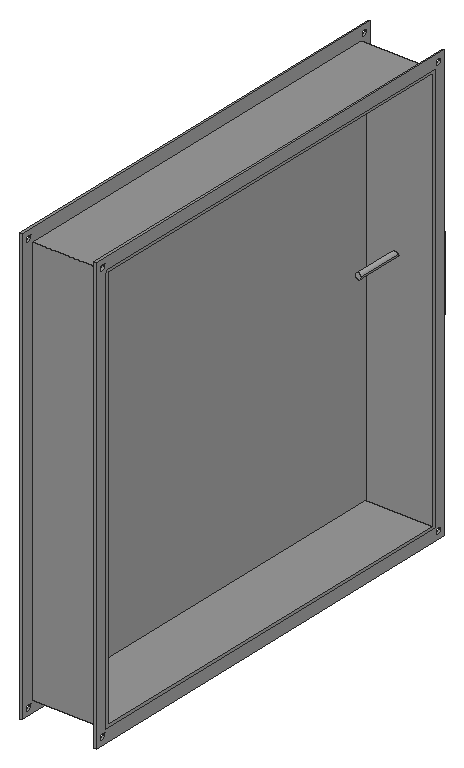
Revit family "КПД_Eng", category Duct Accessories, Revit 2021
Family settings
  Round Connector Dimension = Use Diameter
  Part Type = Attaches To
  Work Plane-Based = No
  Always vertical = Yes
  Cut with Voids When Loaded = No
  Shared = No
Parameters (values of type "KPD-850х850-2-PV230-SN")
  Actuator location (outside) = yes
  Actuator location (inside) = no
  Width = 160 mm  # constant formula
  Weight = 20.60 kg
  Voltage = 230 V
  Pressure_Static_Air [instance] = 0.0 Pa
  Number of Fase = 1  # constant formula
  Maximum Air Flow = 0.0 L/s
  Load Classification = "HVAC"
  Length = B2  # 910 mm
  Height = H2  # 910 mm
  Frequency = 50 Hz  # constant formula
  Default Elevation = 0 mm
  Type Comments = ""
  Number of sashes = "1"
  Manufacturer = "Vents"  # constant formula
  Two flanges = yes
  URL = "https://ventilation-system.com/series/kpd"
  Hn = H + 10 mm  # 860 mm
  H3 = H / 2 - 100 mm  # 325 mm
  H2 = 910 mm
  H1 = 880 mm
  H = 850 mm
  Bn = B + 10 mm  # 860 mm
  B3 = B1 / 2  # 440 mm
  B2 = 910 mm
  Maintenance zone material = none
  Casing Material = Steel, galvanized
  B1 = 880 mm
  B = 850 mm
  Apparent Load = 15 VA
  Air Flow [instance] = 0.0 L/s
  09_System_Name [instance] = ""
  00_20_Type = "KPD-850х850-2-PV230-SN"
  00_20_Name = "Multi-purpose fire safety smoke damper"  # constant formula
  00_20_Manufacturer = "Vents"  # constant formula
Types (185, lengths in mm): name | Actuator location (outside) | Actuator location (inside) | Weight | Voltage | Length | Height | Number of sashes | Two flanges | Hn | H3 | H2 | H1 | H | Bn | B3 | B2 | Casing Material | B1 | B | Apparent Load | 00_20_Type
  (no name) | yes | no | 20.60 kg | 230 V | 910 | 910 | "1" | yes | 860 | 325 | 910 | 880 | 850 | 860 | 440 | 910 | Steel, galvanized | 880 | 850 | 15 VA | "KPD-850х850-2-PV230-SN"
  KPD-300х300-2-PV24-SN | yes | no | 6.30 kg | 24 V | 360 | 360 | "1" | yes | 310 | 50 | 360 | 330 | 300 | 310 | 165 | 360 | Steel, galvanized | 330 | 300 | 9 VA | "KPD-300х300-2-PV24-SN"
  KPD-1400х1400-2-PV24-SN | yes | no | 48.00 kg | 24 V | 1460 | 1460 | "4" | yes | 1410 | 600 | 1460 | 1430 | 1400 | 1410 | 715 | 1460 | Steel, galvanized | 1430 | 1400 | 18 VA | "KPD-1400х1400-2-PV24-SN"
  KPD-300х300-1-PV24-SN | yes | no | 6.30 kg | 24 V | 360 | 360 | "1" | no | 310 | 50 | 360 | 330 | 300 | 310 | 165 | 360 | Steel, galvanized | 330 | 300 | 9 VA | "KPD-300х300-1-PV24-SN"
  KPD-1400х1400-1-PV24-SN | yes | no | 48.00 kg | 24 V | 1460 | 1460 | "4" | no | 1410 | 600 | 1460 | 1430 | 1400 | 1410 | 715 | 1460 | Steel, galvanized | 1430 | 1400 | 18 VA | "KPD-1400х1400-1-PV24-SN"
  KPD-300х300-1-PV24-VN | no | yes | 6.30 kg | 24 V | 360 | 360 | "1" | no | 310 | 50 | 360 | 330 | 300 | 310 | 165 | 360 | Steel, galvanized | 330 | 300 | 9 VA | "KPD-300х300-1-PV24-VN"
  KPD-300х300-2-PV24-VN | no | yes | 6.30 kg | 24 V | 360 | 360 | "1" | yes | 310 | 50 | 360 | 330 | 300 | 310 | 165 | 360 | Cover Grid Cross | 330 | 300 | 9 VA | "KPD-300х300-2-PV24-VN"
  KPD-1400х1400-1-PV24-VN | no | yes | 48.00 kg | 24 V | 1460 | 1460 | "4" | no | 1410 | 600 | 1460 | 1430 | 1400 | 1410 | 715 | 1460 | Steel, galvanized | 1430 | 1400 | 18 VA | "KPD-1400х1400-1-PV24-VN"
  KPD-1400х1400-2-PV24-VN | no | yes | 48.00 kg | 24 V | 1460 | 1460 | "4" | yes | 1410 | 600 | 1460 | 1430 | 1400 | 1410 | 715 | 1460 | Steel, galvanized | 1430 | 1400 | 18 VA | "KPD-1400х1400-2-PV24-VN"
  KPD-300х300-1-PV230-VN | no | yes | 6.30 kg | 230 V | 360 | 360 | "1" | no | 310 | 50 | 360 | 330 | 300 | 310 | 165 | 360 | Steel, galvanized | 330 | 300 | 12 VA | "KPD-300х300-1-PV230-VN"
  KPD-300х300-1-PV230-SN | yes | no | 6.30 kg | 230 V | 360 | 360 | "1" | no | 310 | 50 | 360 | 330 | 300 | 310 | 165 | 360 | Steel, galvanized | 330 | 300 | 12 VA | "KPD-300х300-1-PV230-SN"
  KPD-300х300-2-PV230-VN | no | yes | 6.30 kg | 230 V | 360 | 360 | "1" | yes | 310 | 50 | 360 | 330 | 300 | 310 | 165 | 360 | Steel, galvanized | 330 | 300 | 12 VA | "KPD-300х300-2-PV230-VN"
  KPD-300х300-2-PV230-SN | yes | no | 6.30 kg | 230 V | 360 | 360 | "1" | yes | 310 | 50 | 360 | 330 | 300 | 310 | 165 | 360 | Steel, galvanized | 330 | 300 | 12 VA | "KPD-300х300-2-PV230-SN"
  KPD-1400х1400-1-PV230-VN | no | yes | 48.00 kg | 230 V | 1460 | 1460 | "4" | no | 1410 | 600 | 1460 | 1430 | 1400 | 1410 | 715 | 1460 | Steel, galvanized | 1430 | 1400 | 15 VA | "KPD-1400х1400-1-PV230-VN"
  KPD-1400х1400-1-PV230-SN | yes | no | 48.00 kg | 230 V | 1460 | 1460 | "4" | no | 1410 | 600 | 1460 | 1430 | 1400 | 1410 | 715 | 1460 | Steel, galvanized | 1430 | 1400 | 15 VA | "KPD-1400х1400-1-PV230-SN"
  KPD-1400х1400-2-PV230-VN | no | yes | 48.00 kg | 230 V | 1460 | 1460 | "4" | yes | 1410 | 600 | 1460 | 1430 | 1400 | 1410 | 715 | 1460 | Steel, galvanized | 1430 | 1400 | 15 VA | "KPD-1400х1400-2-PV230-VN"
  KPD-1400х1400-2-PV230-SN | yes | no | 48.00 kg | 230 V | 1460 | 1460 | "4" | yes | 1410 | 600 | 1460 | 1430 | 1400 | 1410 | 715 | 1460 | Steel, galvanized | 1430 | 1400 | 15 VA | "KPD-1400х1400-2-PV230-SN"
  KPD-350х350-1-PV230-VN | no | yes | 7.30 kg | 230 V | 410 | 410 | "1" | no | 360 | 75 | 410 | 380 | 350 | 360 | 190 | 410 | Steel, galvanized | 380 | 350 | 12 VA | "KPD-350х350-1-PV230-VN"
  KPD-350х350-1-PV230-SN | yes | no | 7.30 kg | 230 V | 410 | 410 | "1" | no | 360 | 75 | 410 | 380 | 350 | 360 | 190 | 410 | Steel, galvanized | 380 | 350 | 12 VA | "KPD-350х350-1-PV230-SN"
  KPD-350х350-1-PV24-VN | no | yes | 7.30 kg | 24 V | 410 | 410 | "1" | no | 360 | 75 | 410 | 380 | 350 | 360 | 190 | 410 | Steel, galvanized | 380 | 350 | 9 VA | "KPD-350х350-1-PV24-VN"
  KPD-350х350-1-PV24-SN | yes | no | 7.30 kg | 24 V | 410 | 410 | "1" | no | 360 | 75 | 410 | 380 | 350 | 360 | 190 | 410 | Steel, galvanized | 380 | 350 | 9 VA | "KPD-350х350-1-PV24-SN"
  KPD-350х350-2-PV230-VN | no | yes | 7.30 kg | 230 V | 410 | 410 | "1" | yes | 360 | 75 | 410 | 380 | 350 | 360 | 190 | 410 | Steel, galvanized | 380 | 350 | 12 VA | "KPD-350х350-2-PV230-VN"
  KPD-350х350-2-PV230-SN | yes | no | 7.30 kg | 230 V | 410 | 410 | "1" | yes | 360 | 75 | 410 | 380 | 350 | 360 | 190 | 410 | Steel, galvanized | 380 | 350 | 12 VA | "KPD-350х350-2-PV230-SN"
  KPD-350х350-2-PV24-VN | no | yes | 7.30 kg | 24 V | 410 | 410 | "1" | yes | 360 | 75 | 410 | 380 | 350 | 360 | 190 | 410 | Steel, galvanized | 380 | 350 | 9 VA | "KPD-350х350-2-PV24-VN"
  KPD-350х350-2-PV24-SN | yes | no | 7.30 kg | 24 V | 410 | 410 | "1" | yes | 360 | 75 | 410 | 380 | 350 | 360 | 190 | 410 | Steel, galvanized | 380 | 350 | 9 VA | "KPD-350х350-2-PV24-SN"
  KPD-400х400-1-PV230-VN | no | yes | 0.00 kg | 230 V | 460 | 460 | "1" | no | 410 | 100 | 460 | 430 | 400 | 410 | 215 | 460 | Steel, galvanized | 430 | 400 | 12 VA | "KPD-400х400-1-PV230-VN"
  KPD-400х400-1-PV230-SN | yes | no | 8.20 kg | 230 V | 460 | 460 | "1" | no | 410 | 100 | 460 | 430 | 400 | 410 | 215 | 460 | Steel, galvanized | 430 | 400 | 12 VA | "KPD-400х400-1-PV230-SN"
  KPD-400х400-1-PV24-SN | yes | no | 8.20 kg | 24 V | 460 | 460 | "1" | no | 410 | 100 | 460 | 430 | 400 | 410 | 215 | 460 | Steel, galvanized | 430 | 400 | 9 VA | "KPD-400х400-1-PV24-SN"
  KPD-400х400-1-PV24-VN | no | yes | 8.20 kg | 24 V | 460 | 460 | "1" | no | 410 | 100 | 460 | 430 | 400 | 410 | 215 | 460 | Steel, galvanized | 430 | 400 | 9 VA | "KPD-400х400-1-PV24-VN"
  KPD-400х400-2-PV230-VN | no | yes | 8.20 kg | 230 V | 460 | 460 | "1" | yes | 410 | 100 | 460 | 430 | 400 | 410 | 215 | 460 | Steel, galvanized | 430 | 400 | 12 VA | "KPD-400х400-2-PV230-VN"
  KPD-400х400-2-PV230-SN | yes | no | 8.20 kg | 230 V | 460 | 460 | "1" | yes | 410 | 100 | 460 | 430 | 400 | 410 | 215 | 460 | Steel, galvanized | 430 | 400 | 12 VA | "KPD-400х400-2-PV230-SN"
  KPD-400х400-2-PV24-VN | no | yes | 8.20 kg | 24 V | 460 | 460 | "1" | yes | 410 | 100 | 460 | 430 | 400 | 410 | 215 | 460 | Steel, galvanized | 430 | 400 | 9 VA | "KPD-400х400-2-PV24-VN"
  KPD-400х400-2-PV24-SN | yes | no | 8.20 kg | 24 V | 460 | 460 | "1" | yes | 410 | 100 | 460 | 430 | 400 | 410 | 215 | 460 | Steel, galvanized | 430 | 400 | 9 VA | "KPD-400х400-2-PV24-SN"
  KPD-450х450-1-PV230-VN | no | yes | 9.50 kg | 230 V | 510 | 510 | "1" | no | 460 | 125 | 510 | 480 | 450 | 460 | 240 | 510 | Steel, galvanized | 480 | 450 | 12 VA | "KPD-450х450-1-PV230-VN"
  KPD-450х450-1-PV230-SN | yes | no | 9.50 kg | 230 V | 510 | 510 | "1" | no | 460 | 125 | 510 | 480 | 450 | 460 | 240 | 510 | Steel, galvanized | 480 | 450 | 12 VA | "KPD-450х450-1-PV230-SN"
  KPD-450х450-1-PV24-VN | no | yes | 9.50 kg | 24 V | 510 | 510 | "1" | no | 460 | 125 | 510 | 480 | 450 | 460 | 240 | 510 | Steel, galvanized | 480 | 450 | 9 VA | "KPD-450х450-1-PV24-VN"
  KPD-450х450-1-PV24-SN | yes | no | 9.50 kg | 24 V | 510 | 510 | "1" | no | 460 | 125 | 510 | 480 | 450 | 460 | 240 | 510 | Steel, galvanized | 480 | 450 | 9 VA | "KPD-450х450-1-PV24-SN"
  KPD-450х450-2-PV230-VN | no | yes | 9.50 kg | 230 V | 510 | 510 | "1" | yes | 460 | 125 | 510 | 480 | 450 | 460 | 240 | 510 | Steel, galvanized | 480 | 450 | 12 VA | "KPD-450х450-2-PV230-VN"
  KPD-450х450-2-PV230-SN | yes | no | 9.50 kg | 230 V | 510 | 510 | "1" | yes | 460 | 125 | 510 | 480 | 450 | 460 | 240 | 510 | Steel, galvanized | 480 | 450 | 12 VA | "KPD-450х450-2-PV230-SN"
  KPD-450х450-2-PV24-VN | no | yes | 9.50 kg | 24 V | 510 | 510 | "1" | yes | 460 | 125 | 510 | 480 | 450 | 460 | 240 | 510 | Steel, galvanized | 480 | 450 | 9 VA | "KPD-450х450-2-PV24-VN"
  KPD-450х450-2-PV24-SN | yes | no | 9.50 kg | 24 V | 510 | 510 | "1" | yes | 460 | 125 | 510 | 480 | 450 | 460 | 240 | 510 | Steel, galvanized | 480 | 450 | 9 VA | "KPD-450х450-2-PV24-SN"
  KPD-500х500-1-PV230-VN | no | yes | 10.60 kg | 230 V | 560 | 560 | "1" | no | 510 | 150 | 560 | 530 | 500 | 510 | 265 | 560 | Steel, galvanized | 530 | 500 | 12 VA | "KPD-500х500-1-PV230-VN"
  KPD-500х500-1-PV230-SN | yes | no | 10.60 kg | 230 V | 560 | 560 | "1" | no | 510 | 150 | 560 | 530 | 500 | 510 | 265 | 560 | Steel, galvanized | 530 | 500 | 12 VA | "KPD-500х500-1-PV230-SN"
  KPD-500х500-1-PV24-VN | no | yes | 10.60 kg | 24 V | 560 | 560 | "1" | no | 510 | 150 | 560 | 530 | 500 | 510 | 265 | 560 | Steel, galvanized | 530 | 500 | 9 VA | "KPD-500х500-1-PV24-VN"
  KPD-500х500-1-PV24-SN | yes | no | 10.60 kg | 24 V | 560 | 560 | "1" | no | 510 | 150 | 560 | 530 | 500 | 510 | 265 | 560 | Steel, galvanized | 530 | 500 | 9 VA | "KPD-500х500-1-PV24-SN"
  KPD-500х500-2-PV230-VN | no | yes | 10.60 kg | 230 V | 560 | 560 | "1" | yes | 510 | 150 | 560 | 530 | 500 | 510 | 265 | 560 | Steel, galvanized | 530 | 500 | 12 VA | "KPD-500х500-2-PV230-VN"
  KPD-500х500-2-PV230-SN | yes | no | 10.60 kg | 230 V | 560 | 560 | "1" | yes | 510 | 150 | 560 | 530 | 500 | 510 | 265 | 560 | Steel, galvanized | 530 | 500 | 12 VA | "KPD-500х500-2-PV230-SN"
  KPD-500х500-2-PV24-VN | no | yes | 10.60 kg | 24 V | 560 | 560 | "1" | yes | 510 | 150 | 560 | 530 | 500 | 510 | 265 | 560 | Steel, galvanized | 530 | 500 | 9 VA | "KPD-500х500-2-PV24-VN"
  KPD-500х500-2-PV24-SN | yes | no | 10.60 kg | 24 V | 560 | 560 | "1" | yes | 510 | 150 | 560 | 530 | 500 | 510 | 265 | 560 | Steel, galvanized | 530 | 500 | 9 VA | "KPD-500х500-2-PV24-SN"
  KPD-550х550-1-PV230-VN | no | yes | 11.90 kg | 230 V | 610 | 610 | "1" | no | 560 | 175 | 610 | 580 | 550 | 560 | 290 | 610 | Steel, galvanized | 580 | 550 | 15 VA | "KPD-550х550-1-PV230-VN"
  KPD-550х550-1-PV230-SN | yes | no | 11.90 kg | 230 V | 610 | 610 | "1" | no | 560 | 175 | 610 | 580 | 550 | 560 | 290 | 610 | Steel, galvanized | 580 | 550 | 15 VA | "KPD-550х550-1-PV230-SN"
  KPD-550х550-1-PV24-VN | no | yes | 11.90 kg | 24 V | 610 | 610 | "1" | no | 560 | 175 | 610 | 580 | 550 | 560 | 290 | 610 | Steel, galvanized | 580 | 550 | 18 VA | "KPD-550х550-1-PV24-VN"
  KPD-550х550-1-PV24-SN | yes | no | 11.90 kg | 24 V | 610 | 610 | "1" | no | 560 | 175 | 610 | 580 | 550 | 560 | 290 | 610 | Steel, galvanized | 580 | 550 | 18 VA | "KPD-550х550-1-PV24-SN"
  KPD-550х550-2-PV230-VN | no | yes | 11.90 kg | 230 V | 610 | 610 | "1" | yes | 560 | 175 | 610 | 580 | 550 | 560 | 290 | 610 | Steel, galvanized | 580 | 550 | 15 VA | "KPD-550х550-2-PV230-VN"
  KPD-550х550-2-PV230-SN | yes | no | 11.90 kg | 230 V | 610 | 610 | "1" | yes | 560 | 175 | 610 | 580 | 550 | 560 | 290 | 610 | Steel, galvanized | 580 | 550 | 15 VA | "KPD-550х550-2-PV230-SN"
  KPD-550х550-2-PV24-VN | no | yes | 11.90 kg | 24 V | 610 | 610 | "1" | yes | 560 | 175 | 610 | 580 | 550 | 560 | 290 | 610 | Steel, galvanized | 580 | 550 | 18 VA | "KPD-550х550-2-PV24-VN"
  KPD-550х550-2-PV24-SN | yes | no | 11.90 kg | 24 V | 610 | 610 | "1" | yes | 560 | 175 | 610 | 580 | 550 | 560 | 290 | 610 | Steel, galvanized | 580 | 550 | 18 VA | "KPD-550х550-2-PV24-SN"
  KPD-600х600-1-PV230-VN | no | yes | 13.20 kg | 230 V | 660 | 660 | "1" | no | 610 | 200 | 660 | 630 | 600 | 610 | 315 | 660 | Steel, galvanized | 630 | 600 | 15 VA | "KPD-600х600-1-PV230-VN"
  KPD-600х600-1-PV230-SN | yes | no | 13.20 kg | 230 V | 660 | 660 | "1" | no | 610 | 200 | 660 | 630 | 600 | 610 | 315 | 660 | Steel, galvanized | 630 | 600 | 15 VA | "KPD-600х600-1-PV230-SN"
  KPD-600х600-1-PV24-VN | no | yes | 13.20 kg | 24 V | 660 | 660 | "1" | no | 610 | 200 | 660 | 630 | 600 | 610 | 315 | 660 | Steel, galvanized | 630 | 600 | 18 VA | "KPD-600х600-1-PV24-VN"
  KPD-600х600-1-PV24-SN | yes | no | 13.20 kg | 24 V | 660 | 660 | "1" | no | 610 | 200 | 660 | 630 | 600 | 610 | 315 | 660 | Steel, galvanized | 630 | 600 | 18 VA | "KPD-600х600-1-PV24-SN"
  KPD-600х600-2-PV230-VN | no | yes | 13.20 kg | 230 V | 660 | 660 | "1" | yes | 610 | 200 | 660 | 630 | 600 | 610 | 315 | 660 | Steel, galvanized | 630 | 600 | 15 VA | "KPD-600х600-2-PV230-VN"
  KPD-600х600-2-PV230-SN | yes | no | 13.20 kg | 230 V | 660 | 660 | "1" | yes | 610 | 200 | 660 | 630 | 600 | 610 | 315 | 660 | Steel, galvanized | 630 | 600 | 15 VA | "KPD-600х600-2-PV230-SN"
  KPD-600х600-2-PV24-VN | no | yes | 13.20 kg | 24 V | 660 | 660 | "1" | yes | 610 | 200 | 660 | 630 | 600 | 610 | 315 | 660 | Steel, galvanized | 630 | 600 | 18 VA | "KPD-600х600-2-PV24-VN"
  KPD-600х600-2-PV24-SN | yes | no | 13.20 kg | 24 V | 660 | 660 | "1" | yes | 610 | 200 | 660 | 630 | 600 | 610 | 315 | 660 | Steel, galvanized | 630 | 600 | 18 VA | "KPD-600х600-2-PV24-SN"
  KPD-650х650-1-PV230-VN | no | yes | 14.50 kg | 230 V | 710 | 710 | "1" | no | 660 | 225 | 710 | 680 | 650 | 660 | 340 | 710 | Steel, galvanized | 680 | 650 | 15 VA | "KPD-650х650-1-PV230-VN"
  KPD-650х650-1-PV230-SN | yes | no | 14.50 kg | 230 V | 710 | 710 | "1" | no | 660 | 225 | 710 | 680 | 650 | 660 | 340 | 710 | Steel, galvanized | 680 | 650 | 15 VA | "KPD-650х650-1-PV230-SN"
  KPD-650х650-1-PV24-VN | no | yes | 14.50 kg | 24 V | 710 | 710 | "1" | no | 660 | 225 | 710 | 680 | 650 | 660 | 340 | 710 | Steel, galvanized | 680 | 650 | 18 VA | "KPD-650х650-1-PV24-VN"
  KPD-650х650-1-PV24-SN | yes | no | 14.50 kg | 24 V | 710 | 710 | "1" | no | 660 | 225 | 710 | 680 | 650 | 660 | 340 | 710 | Steel, galvanized | 680 | 650 | 18 VA | "KPD-650х650-1-PV24-SN"
  KPD-650х650-2-PV230-VN | no | yes | 14.50 kg | 230 V | 710 | 710 | "1" | yes | 660 | 225 | 710 | 680 | 650 | 660 | 340 | 710 | Steel, galvanized | 680 | 650 | 15 VA | "KPD-650х650-2-PV230-VN"
  KPD-650х650-2-PV230-SN | yes | no | 14.50 kg | 230 V | 710 | 710 | "1" | yes | 660 | 225 | 710 | 680 | 650 | 660 | 340 | 710 | Steel, galvanized | 680 | 650 | 15 VA | "KPD-650х650-2-PV230-SN"
  KPD-650х650-2-PV24-VN | no | yes | 14.50 kg | 24 V | 710 | 710 | "1" | yes | 660 | 225 | 710 | 680 | 650 | 660 | 340 | 710 | Steel, galvanized | 680 | 650 | 18 VA | "KPD-650х650-2-PV24-VN"
  KPD-650х650-2-PV24-SN | yes | no | 14.50 kg | 24 V | 710 | 710 | "1" | yes | 660 | 225 | 710 | 680 | 650 | 660 | 340 | 710 | Steel, galvanized | 680 | 650 | 18 VA | "KPD-650х650-2-PV24-SN"
  KPD-700х700-1-PV230-VN | no | yes | 16.00 kg | 230 V | 760 | 760 | "1" | no | 710 | 250 | 760 | 730 | 700 | 710 | 365 | 760 | Steel, galvanized | 730 | 700 | 15 VA | "KPD-700х700-1-PV230-VN"
  KPD-700х700-1-PV230-SN | yes | no | 16.00 kg | 230 V | 760 | 760 | "1" | no | 710 | 250 | 760 | 730 | 700 | 710 | 365 | 760 | Steel, galvanized | 730 | 700 | 15 VA | "KPD-700х700-1-PV230-SN"
  KPD-700х700-1-PV24-VN | no | yes | 16.00 kg | 24 V | 760 | 760 | "1" | no | 710 | 250 | 760 | 730 | 700 | 710 | 365 | 760 | Steel, galvanized | 730 | 700 | 18 VA | "KPD-700х700-1-PV24-VN"
  KPD-700х700-1-PV24-SN | yes | no | 16.00 kg | 24 V | 760 | 760 | "1" | no | 710 | 250 | 760 | 730 | 700 | 710 | 365 | 760 | Steel, galvanized | 730 | 700 | 18 VA | "KPD-700х700-1-PV24-SN"
  KPD-700х700-2-PV230-VN | no | yes | 16.00 kg | 230 V | 760 | 760 | "1" | yes | 710 | 250 | 760 | 730 | 700 | 710 | 365 | 760 | Steel, galvanized | 730 | 700 | 15 VA | "KPD-700х700-2-PV230-VN"
  KPD-700х700-2-PV230-SN | yes | no | 16.00 kg | 230 V | 760 | 760 | "1" | yes | 710 | 250 | 760 | 730 | 700 | 710 | 365 | 760 | Steel, galvanized | 730 | 700 | 15 VA | "KPD-700х700-2-PV230-SN"
  KPD-700х700-2-PV24-VN | no | yes | 16.00 kg | 24 V | 760 | 760 | "1" | yes | 710 | 250 | 760 | 730 | 700 | 710 | 365 | 760 | Steel, galvanized | 730 | 700 | 18 VA | "KPD-700х700-2-PV24-VN"
  KPD-700х700-2-PV24-SN | yes | no | 16.00 kg | 24 V | 760 | 760 | "1" | yes | 710 | 250 | 760 | 730 | 700 | 710 | 365 | 760 | Steel, galvanized | 730 | 700 | 18 VA | "KPD-700х700-2-PV24-SN"
  KPD-750х750-1-PV230-VN | no | yes | 17.40 kg | 230 V | 810 | 810 | "1" | no | 760 | 275 | 810 | 780 | 750 | 760 | 390 | 810 | Steel, galvanized | 780 | 750 | 15 VA | "KPD-750х750-1-PV230-VN"
  KPD-750х750-1-PV230-SN | yes | no | 17.40 kg | 230 V | 810 | 810 | "1" | no | 760 | 275 | 810 | 780 | 750 | 760 | 390 | 810 | Steel, galvanized | 780 | 750 | 15 VA | "KPD-750х750-1-PV230-SN"
  KPD-750х750-1-PV24-VN | no | yes | 17.40 kg | 24 V | 810 | 810 | "1" | no | 760 | 275 | 810 | 780 | 750 | 760 | 390 | 810 | Steel, galvanized | 780 | 750 | 18 VA | "KPD-750х750-1-PV24-VN"
  KPD-750х750-1-PV24-SN | yes | no | 17.40 kg | 24 V | 810 | 810 | "1" | no | 760 | 275 | 810 | 780 | 750 | 760 | 390 | 810 | Steel, galvanized | 780 | 750 | 18 VA | "KPD-750х750-1-PV24-SN"
  KPD-750х750-2-PV230-VN | no | yes | 17.40 kg | 230 V | 810 | 810 | "1" | yes | 760 | 275 | 810 | 780 | 750 | 760 | 390 | 810 | Steel, galvanized | 780 | 750 | 15 VA | "KPD-750х750-2-PV230-VN"
  KPD-750х750-2-PV230-SN | yes | no | 17.40 kg | 230 V | 810 | 810 | "1" | yes | 760 | 275 | 810 | 780 | 750 | 760 | 390 | 810 | Steel, galvanized | 780 | 750 | 15 VA | "KPD-750х750-2-PV230-SN"
  KPD-750х750-2-PV24-VN | no | yes | 17.40 kg | 24 V | 810 | 810 | "1" | yes | 760 | 275 | 810 | 780 | 750 | 760 | 390 | 810 | Steel, galvanized | 780 | 750 | 18 VA | "KPD-750х750-2-PV24-VN"
  KPD-750х750-2-PV24-SN | yes | no | 17.40 kg | 24 V | 810 | 810 | "1" | yes | 760 | 275 | 810 | 780 | 750 | 760 | 390 | 810 | Steel, galvanized | 780 | 750 | 18 VA | "KPD-750х750-2-PV24-SN"
  KPD-800х800-1-PV230-VN | no | yes | 19.00 kg | 230 V | 860 | 860 | "1" | no | 810 | 300 | 860 | 830 | 800 | 810 | 415 | 860 | Steel, galvanized | 830 | 800 | 15 VA | "KPD-800х800-1-PV230-VN"
  KPD-800х800-1-PV230-SN | yes | no | 19.00 kg | 230 V | 860 | 860 | "1" | no | 810 | 300 | 860 | 830 | 800 | 810 | 415 | 860 | Steel, galvanized | 830 | 800 | 15 VA | "KPD-800х800-1-PV230-SN"
  KPD-800х800-1-PV24-VN | no | yes | 19.00 kg | 24 V | 860 | 860 | "1" | no | 810 | 300 | 860 | 830 | 800 | 810 | 415 | 860 | Steel, galvanized | 830 | 800 | 18 VA | "KPD-800х800-1-PV24-VN"
  KPD-800х800-1-PV24-SN | yes | no | 19.00 kg | 24 V | 860 | 860 | "1" | no | 810 | 300 | 860 | 830 | 800 | 810 | 415 | 860 | Steel, galvanized | 830 | 800 | 18 VA | "KPD-800х800-1-PV24-SN"
  KPD-800х800-2-PV230-VN | no | yes | 19.00 kg | 230 V | 860 | 860 | "1" | yes | 810 | 300 | 860 | 830 | 800 | 810 | 415 | 860 | Steel, galvanized | 830 | 800 | 15 VA | "KPD-800х800-2-PV230-VN"
  KPD-800х800-2-PV230-SN | yes | no | 19.00 kg | 230 V | 860 | 860 | "1" | yes | 810 | 300 | 860 | 830 | 800 | 810 | 415 | 860 | Steel, galvanized | 830 | 800 | 15 VA | "KPD-800х800-2-PV230-SN"
  KPD-800х800-2-PV24-VN | no | yes | 19.00 kg | 24 V | 860 | 860 | "1" | yes | 810 | 300 | 860 | 830 | 800 | 810 | 415 | 860 | Steel, galvanized | 830 | 800 | 18 VA | "KPD-800х800-2-PV24-VN"
  KPD-800х800-2-PV24-SN | yes | no | 19.00 kg | 24 V | 860 | 860 | "1" | yes | 810 | 300 | 860 | 830 | 800 | 810 | 415 | 860 | Steel, galvanized | 830 | 800 | 18 VA | "KPD-800х800-2-PV24-SN"
  KPD-850х850-1-PV230-VN | no | yes | 20.60 kg | 230 V | 910 | 910 | "1" | no | 860 | 325 | 910 | 880 | 850 | 860 | 440 | 910 | Steel, galvanized | 880 | 850 | 15 VA | "KPD-850х850-1-PV230-VN"
  KPD-850х850-1-PV230-SN | yes | no | 20.60 kg | 230 V | 910 | 910 | "1" | no | 860 | 325 | 910 | 880 | 850 | 860 | 440 | 910 | Steel, galvanized | 880 | 850 | 15 VA | "KPD-850х850-1-PV230-SN"
  KPD-850х850-1-PV24-VN | no | yes | 20.60 kg | 24 V | 910 | 910 | "1" | no | 860 | 325 | 910 | 880 | 850 | 860 | 440 | 910 | Steel, galvanized | 880 | 850 | 18 VA | "KPD-850х850-1-PV24-VN"
  KPD-850х850-1-PV24-SN | yes | no | 20.60 kg | 24 V | 910 | 910 | "1" | no | 860 | 325 | 910 | 880 | 850 | 860 | 440 | 910 | Steel, galvanized | 880 | 850 | 18 VA | "KPD-850х850-1-PV24-SN"
  KPD-850х850-2-PV230-VN | no | yes | 20.60 kg | 230 V | 910 | 910 | "1" | yes | 860 | 325 | 910 | 880 | 850 | 860 | 440 | 910 | Steel, galvanized | 880 | 850 | 15 VA | "KPD-850х850-2-PV230-VN"
  KPD-850х850-2-PV230-SN | yes | no | 20.60 kg | 230 V | 910 | 910 | "1" | yes | 860 | 325 | 910 | 880 | 850 | 860 | 440 | 910 | Steel, galvanized | 880 | 850 | 15 VA | "KPD-850х850-2-PV230-SN"
  KPD-850х850-2-PV24-VN | no | yes | 20.60 kg | 24 V | 910 | 910 | "1" | yes | 860 | 325 | 910 | 880 | 850 | 860 | 440 | 910 | Steel, galvanized | 880 | 850 | 18 VA | "KPD-850х850-2-PV24-VN"
  KPD-850х850-2-PV24-SN | yes | no | 20.60 kg | 24 V | 910 | 910 | "1" | yes | 860 | 325 | 910 | 880 | 850 | 860 | 440 | 910 | Steel, galvanized | 880 | 850 | 18 VA | "KPD-850х850-2-PV24-SN"
  KPD-900х900-1-PV230-VN | no | yes | 19.00 kg | 230 V | 960 | 960 | "1" | no | 910 | 350 | 960 | 930 | 900 | 910 | 465 | 960 | Steel, galvanized | 930 | 900 | 15 VA | "KPD-900х900-1-PV230-VN"
  KPD-900х900-1-PV230-SN | yes | no | 19.00 kg | 230 V | 960 | 960 | "1" | no | 910 | 350 | 960 | 930 | 900 | 910 | 465 | 960 | Steel, galvanized | 930 | 900 | 15 VA | "KPD-900х900-1-PV230-SN"
  KPD-900х900-1-PV24-VN | no | yes | 19.00 kg | 24 V | 960 | 960 | "1" | no | 910 | 350 | 960 | 930 | 900 | 910 | 465 | 960 | Steel, galvanized | 930 | 900 | 18 VA | "KPD-900х900-1-PV24-VN"
  KPD-900х900-1-PV24-SN | yes | no | 19.00 kg | 24 V | 960 | 960 | "1" | no | 910 | 350 | 960 | 930 | 900 | 910 | 465 | 960 | Steel, galvanized | 930 | 900 | 18 VA | "KPD-900х900-1-PV24-SN"
  KPD-900х900-2-PV230-VN | no | yes | 19.00 kg | 230 V | 960 | 960 | "1" | yes | 910 | 350 | 960 | 930 | 900 | 910 | 465 | 960 | Steel, galvanized | 930 | 900 | 15 VA | "KPD-900х900-2-PV230-VN"
  KPD-900х900-2-PV230-SN | yes | no | 19.00 kg | 230 V | 960 | 960 | "1" | yes | 910 | 350 | 960 | 930 | 900 | 910 | 465 | 960 | Steel, galvanized | 930 | 900 | 15 VA | "KPD-900х900-2-PV230-SN"
  KPD-900х900-2-PV24-VN | no | yes | 19.00 kg | 24 V | 960 | 960 | "1" | yes | 910 | 350 | 960 | 930 | 900 | 910 | 465 | 960 | Steel, galvanized | 930 | 900 | 18 VA | "KPD-900х900-2-PV24-VN"
  KPD-900х900-2-PV24-SN | yes | no | 19.00 kg | 24 V | 960 | 960 | "1" | yes | 910 | 350 | 960 | 930 | 900 | 910 | 465 | 960 | Steel, galvanized | 930 | 900 | 18 VA | "KPD-900х900-2-PV24-SN"
  KPD-950х950-1-PV230-VN | no | yes | 23.90 kg | 230 V | 1010 | 1010 | "1" | no | 960 | 375 | 1010 | 980 | 950 | 960 | 490 | 1010 | Steel, galvanized | 980 | 950 | 15 VA | "KPD-950х950-1-PV230-VN"
  KPD-950х950-1-PV230-SN | yes | no | 23.90 kg | 230 V | 1010 | 1010 | "1" | no | 960 | 375 | 1010 | 980 | 950 | 960 | 490 | 1010 | Steel, galvanized | 980 | 950 | 15 VA | "KPD-950х950-1-PV230-SN"
  KPD-950х950-1-PV24-VN | no | yes | 23.90 kg | 24 V | 1010 | 1010 | "1" | no | 960 | 375 | 1010 | 980 | 950 | 960 | 490 | 1010 | Steel, galvanized | 980 | 950 | 18 VA | "KPD-950х950-1-PV24-VN"
  KPD-950х950-1-PV24-SN | yes | no | 23.90 kg | 24 V | 1010 | 1010 | "1" | no | 960 | 375 | 1010 | 980 | 950 | 960 | 490 | 1010 | Steel, galvanized | 980 | 950 | 18 VA | "KPD-950х950-1-PV24-SN"
  KPD-950х950-2-PV230-VN | no | yes | 23.90 kg | 230 V | 1010 | 1010 | "1" | yes | 960 | 375 | 1010 | 980 | 950 | 960 | 490 | 1010 | Steel, galvanized | 980 | 950 | 15 VA | "KPD-950х950-2-PV230-VN"
  KPD-950х950-2-PV230-SN | yes | no | 23.90 kg | 230 V | 1010 | 1010 | "1" | yes | 960 | 375 | 1010 | 980 | 950 | 960 | 490 | 1010 | Steel, galvanized | 980 | 950 | 15 VA | "KPD-950х950-2-PV230-SN"
  KPD-950х950-2-PV24-VN | no | yes | 23.90 kg | 24 V | 1010 | 1010 | "1" | yes | 960 | 375 | 1010 | 980 | 950 | 960 | 490 | 1010 | Steel, galvanized | 980 | 950 | 18 VA | "KPD-950х950-2-PV24-VN"
  KPD-950х950-2-PV24-SN | yes | no | 23.90 kg | 24 V | 1010 | 1010 | "1" | yes | 960 | 375 | 1010 | 980 | 950 | 960 | 490 | 1010 | Steel, galvanized | 980 | 950 | 18 VA | "KPD-950х950-2-PV24-SN"
  KPD-1000х1000-1-PV230-VN | no | yes | 25.60 kg | 230 V | 1060 | 1060 | "1" | no | 1010 | 400 | 1060 | 1030 | 1000 | 1010 | 515 | 1060 | Steel, galvanized | 1030 | 1000 | 15 VA | "KPD-1000х1000-1-PV230-VN"
  KPD-1000х1000-1-PV230-SN | yes | no | 25.60 kg | 230 V | 1060 | 1060 | "1" | no | 1010 | 400 | 1060 | 1030 | 1000 | 1010 | 515 | 1060 | Steel, galvanized | 1030 | 1000 | 15 VA | "KPD-1000х1000-1-PV230-SN"
  KPD-1000х1000-1-PV24-VN | no | yes | 25.60 kg | 24 V | 1060 | 1060 | "1" | no | 1010 | 400 | 1060 | 1030 | 1000 | 1010 | 515 | 1060 | Steel, galvanized | 1030 | 1000 | 18 VA | "KPD-1000х1000-1-PV24-VN"
  KPD-1000х1000-1-PV24-SN | yes | no | 25.60 kg | 24 V | 1060 | 1060 | "1" | no | 1010 | 400 | 1060 | 1030 | 1000 | 1010 | 515 | 1060 | Steel, galvanized | 1030 | 1000 | 18 VA | "KPD-1000х1000-1-PV24-SN"
  KPD-1000х1000-2-PV230-VN | no | yes | 25.60 kg | 230 V | 1060 | 1060 | "1" | yes | 1010 | 400 | 1060 | 1030 | 1000 | 1010 | 515 | 1060 | Steel, galvanized | 1030 | 1000 | 15 VA | "KPD-1000х1000-2-PV230-VN"
  KPD-1000х1000-2-ПВ230-СН | yes | no | 25.60 kg | 230 V | 1060 | 1060 | "1" | yes | 1010 | 400 | 1060 | 1030 | 1000 | 1010 | 515 | 1060 | Steel, galvanized | 1030 | 1000 | 15 VA | "KPD-1000х1000-2-ПВ230-СН"
  KPD-1000х1000-2-PV24-VN | no | yes | 25.60 kg | 24 V | 1060 | 1060 | "1" | yes | 1010 | 400 | 1060 | 1030 | 1000 | 1010 | 515 | 1060 | Steel, galvanized | 1030 | 1000 | 18 VA | "KPD-1000х1000-2-PV24-VN"
  KPD-1000х1000-2-PV24-SN | yes | no | 25.60 kg | 24 V | 1060 | 1060 | "1" | yes | 1010 | 400 | 1060 | 1030 | 1000 | 1010 | 515 | 1060 | Steel, galvanized | 1030 | 1000 | 18 VA | "KPD-1000х1000-2-ПВ24-СН"
  KPD-1050х1050-1-PV230-VN | no | yes | 28.00 kg | 230 V | 1110 | 1110 | "2" | no | 1060 | 425 | 1110 | 1080 | 1050 | 1060 | 540 | 1110 | Steel, galvanized | 1080 | 1050 | 15 VA | "KPD-1050х1050-1-PV230-VN"
  KPD-1050х1050-1-PV230-SN | yes | no | 28.00 kg | 230 V | 1110 | 1110 | "2" | no | 1060 | 425 | 1110 | 1080 | 1050 | 1060 | 540 | 1110 | Steel, galvanized | 1080 | 1050 | 15 VA | "KPD-1050х1050-1-PV230-SN"
  KPD-1050х1050-1-PV24-VN | no | yes | 28.00 kg | 24 V | 1110 | 1110 | "2" | no | 1060 | 425 | 1110 | 1080 | 1050 | 1060 | 540 | 1110 | Steel, galvanized | 1080 | 1050 | 18 VA | "KPD-1050х1050-1-PV24-VN"
  KPD-1050х1050-1-PV24-SN | yes | no | 28.00 kg | 24 V | 1110 | 1110 | "2" | no | 1060 | 425 | 1110 | 1080 | 1050 | 1060 | 540 | 1110 | Steel, galvanized | 1080 | 1050 | 18 VA | "KPD-1050х1050-1-PV24-SN"
  KPD-1050х1050-2-PV230-VN | no | yes | 28.00 kg | 230 V | 1110 | 1110 | "2" | yes | 1060 | 425 | 1110 | 1080 | 1050 | 1060 | 540 | 1110 | Steel, galvanized | 1080 | 1050 | 15 VA | "KPD-1050х1050-2-PV230-VN"
  KPD-1050х1050-2-PV230-SN | yes | no | 28.00 kg | 230 V | 1110 | 1110 | "2" | yes | 1060 | 425 | 1110 | 1080 | 1050 | 1060 | 540 | 1110 | Steel, galvanized | 1080 | 1050 | 15 VA | "KPD-1050х1050-2-PV230-SN"
  KPD-1050х1050-2-PV24-VN | no | yes | 28.00 kg | 24 V | 1110 | 1110 | "2" | yes | 1060 | 425 | 1110 | 1080 | 1050 | 1060 | 540 | 1110 | Steel, galvanized | 1080 | 1050 | 18 VA | "KPD-1050х1050-2-PV24-VN"
  KPD-1050х1050-2-PV24-SN | yes | no | 28.00 kg | 24 V | 1110 | 1110 | "2" | yes | 1060 | 425 | 1110 | 1080 | 1050 | 1060 | 540 | 1110 | Steel, galvanized | 1080 | 1050 | 18 VA | "KPD-1050х1050-2-PV24-SN"
  KPD-1100х1100-1-PV230-VN | no | yes | 30.50 kg | 230 V | 1160 | 1160 | "2" | no | 1110 | 450 | 1160 | 1130 | 1100 | 1110 | 565 | 1160 | Steel, galvanized | 1130 | 1100 | 15 VA | "KPD-1100х1100-1-PV230-VN"
  KPD-1100х1100-1-PV230-SN | yes | no | 30.50 kg | 230 V | 1160 | 1160 | "2" | no | 1110 | 450 | 1160 | 1130 | 1100 | 1110 | 565 | 1160 | Steel, galvanized | 1130 | 1100 | 15 VA | "KPD-1100х1100-1-PV230-SN"
  KPD-1100х1100-1-PV24-VN | no | yes | 30.50 kg | 24 V | 1160 | 1160 | "2" | no | 1110 | 450 | 1160 | 1130 | 1100 | 1110 | 565 | 1160 | Steel, galvanized | 1130 | 1100 | 18 VA | "KPD-1100х1100-1-PV24-VN"
  KPD-1100х1100-1-PV24-SN | yes | no | 30.50 kg | 24 V | 1160 | 1160 | "2" | no | 1110 | 450 | 1160 | 1130 | 1100 | 1110 | 565 | 1160 | Steel, galvanized | 1130 | 1100 | 18 VA | "KPD-1100х1100-1-PV24-SN"
  KPD-1100х1100-2-PV230-VN | no | yes | 30.50 kg | 230 V | 1160 | 1160 | "2" | yes | 1110 | 450 | 1160 | 1130 | 1100 | 1110 | 565 | 1160 | Steel, galvanized | 1130 | 1100 | 15 VA | "KPD-1100х1100-2-PV230-VN"
  KPD-1100х1100-2-PV230-SN | yes | no | 30.50 kg | 230 V | 1160 | 1160 | "2" | yes | 1110 | 450 | 1160 | 1130 | 1100 | 1110 | 565 | 1160 | Steel, galvanized | 1130 | 1100 | 15 VA | "KPD-1100х1100-2-PV230-SN"
  KPD-1100х1100-2-PV24-VN | no | yes | 30.50 kg | 24 V | 1160 | 1160 | "2" | yes | 1110 | 450 | 1160 | 1130 | 1100 | 1110 | 565 | 1160 | Steel, galvanized | 1130 | 1100 | 18 VA | "KPD-1100х1100-2-PV24-VN"
  KPD-1100х1100-2-PV24-SN | yes | no | 30.50 kg | 24 V | 1160 | 1160 | "2" | yes | 1110 | 450 | 1160 | 1130 | 1100 | 1110 | 565 | 1160 | Steel, galvanized | 1130 | 1100 | 18 VA | "KPD-1100х1100-2-PV24-SN"
  KPD-1150х1150-1-PV230-VN | no | yes | 33.00 kg | 230 V | 1210 | 1210 | "2" | no | 1160 | 475 | 1210 | 1180 | 1150 | 1160 | 590 | 1210 | Steel, galvanized | 1180 | 1150 | 15 VA | "KPD-1150х1150-1-PV230-VN"
  KPD-1150х1150-1-PV230-SN | yes | no | 33.00 kg | 230 V | 1210 | 1210 | "2" | no | 1160 | 475 | 1210 | 1180 | 1150 | 1160 | 590 | 1210 | Steel, galvanized | 1180 | 1150 | 15 VA | "KPD-1150х1150-1-PV230-SN"
  KPD-1150х1150-1-PV24-VN | no | yes | 33.00 kg | 24 V | 1210 | 1210 | "2" | no | 1160 | 475 | 1210 | 1180 | 1150 | 1160 | 590 | 1210 | Steel, galvanized | 1180 | 1150 | 18 VA | "KPD-1150х1150-1-PV24-VN"
  KPD-1150х1150-1-PV24-SN | yes | no | 33.00 kg | 24 V | 1210 | 1210 | "2" | no | 1160 | 475 | 1210 | 1180 | 1150 | 1160 | 590 | 1210 | Steel, galvanized | 1180 | 1150 | 18 VA | "KPD-1150х1150-1-PV24-SN"
  KPD-1150х1150-2-PV230-VN | no | yes | 33.00 kg | 230 V | 1210 | 1210 | "2" | yes | 1160 | 475 | 1210 | 1180 | 1150 | 1160 | 590 | 1210 | Steel, galvanized | 1180 | 1150 | 15 VA | "KPD-1150х1150-2-PV230-VN"
  KPD-1150х1150-2-PV230-SN | yes | no | 33.00 kg | 230 V | 1210 | 1210 | "2" | yes | 1160 | 475 | 1210 | 1180 | 1150 | 1160 | 590 | 1210 | Steel, galvanized | 1180 | 1150 | 15 VA | "KPD-1150х1150-2-PV230-SN"
  KPD-1150х1150-2-PV24-VN | no | yes | 33.00 kg | 24 V | 1210 | 1210 | "2" | yes | 1160 | 475 | 1210 | 1180 | 1150 | 1160 | 590 | 1210 | Steel, galvanized | 1180 | 1150 | 18 VA | "KPD-1150х1150-2-PV24-VN"
  KPD-1150х1150-2-PV24-SN | yes | no | 33.00 kg | 24 V | 1210 | 1210 | "2" | yes | 1160 | 475 | 1210 | 1180 | 1150 | 1160 | 590 | 1210 | Steel, galvanized | 1180 | 1150 | 18 VA | "KPD-1150х1150-2-PV24-SN"
  KPD-1200х1200-1-PV230-VN | no | yes | 35.50 kg | 230 V | 1260 | 1260 | "2" | no | 1210 | 500 | 1260 | 1230 | 1200 | 1210 | 615 | 1260 | Steel, galvanized | 1230 | 1200 | 15 VA | "KPD-1200х1200-1-PV230-VN"
  KPD-1200х1200-1-PV230-SN | yes | no | 35.50 kg | 230 V | 1260 | 1260 | "2" | no | 1210 | 500 | 1260 | 1230 | 1200 | 1210 | 615 | 1260 | Steel, galvanized | 1230 | 1200 | 15 VA | "KPD-1200х1200-1-PV230-SN"
  KPD-1200х1200-1-PV24-VN | no | yes | 35.50 kg | 24 V | 1260 | 1260 | "2" | no | 1210 | 500 | 1260 | 1230 | 1200 | 1210 | 615 | 1260 | Steel, galvanized | 1230 | 1200 | 18 VA | "KPD-1200х1200-1-PV24-VN"
  KPD-1200х1200-1-PV24-SN | yes | no | 35.50 kg | 24 V | 1260 | 1260 | "2" | no | 1210 | 500 | 1260 | 1230 | 1200 | 1210 | 615 | 1260 | Steel, galvanized | 1230 | 1200 | 18 VA | "KPD-1200х1200-1-PV24-SN"
  KPD-1200х1200-2-PV230-VN | no | yes | 35.50 kg | 230 V | 1260 | 1260 | "2" | yes | 1210 | 500 | 1260 | 1230 | 1200 | 1210 | 615 | 1260 | Steel, galvanized | 1230 | 1200 | 15 VA | "KPD-1200х1200-2-PV230-VN"
  KPD-1200х1200-2-PV230-SN | yes | no | 35.50 kg | 230 V | 1260 | 1260 | "2" | yes | 1210 | 500 | 1260 | 1230 | 1200 | 1210 | 615 | 1260 | Steel, galvanized | 1230 | 1200 | 15 VA | "KPD-1200х1200-2-PV230-SN"
  KPD-1200х1200-2-PV24-VN | no | yes | 35.50 kg | 24 V | 1260 | 1260 | "2" | yes | 1210 | 500 | 1260 | 1230 | 1200 | 1210 | 615 | 1260 | Steel, galvanized | 1230 | 1200 | 18 VA | "KPD-1200х1200-2-PV24-VN"
  KPD-1200х1200-2-PV24-SN | yes | no | 35.50 kg | 24 V | 1260 | 1260 | "2" | yes | 1210 | 500 | 1260 | 1230 | 1200 | 1210 | 615 | 1260 | Steel, galvanized | 1230 | 1200 | 18 VA | "KPD-1200х1200-2-PV24-SN"
  KPD-1250х1250-1-PV230-VN | no | yes | 38.00 kg | 230 V | 1310 | 1310 | "2" | no | 1260 | 525 | 1310 | 1280 | 1250 | 1260 | 640 | 1310 | Steel, galvanized | 1280 | 1250 | 15 VA | "KPD-1250х1250-1-PV230-VN"
  KPD-1250х1250-1-PV230-SN | yes | no | 38.00 kg | 230 V | 1310 | 1310 | "2" | no | 1260 | 525 | 1310 | 1280 | 1250 | 1260 | 640 | 1310 | Steel, galvanized | 1280 | 1250 | 15 VA | "KPD-1250х1250-1-PV230-SN"
  KPD-1250х1250-1-PV24-VN | no | yes | 38.00 kg | 24 V | 1310 | 1310 | "2" | no | 1260 | 525 | 1310 | 1280 | 1250 | 1260 | 640 | 1310 | Steel, galvanized | 1280 | 1250 | 18 VA | "KPD-1250х1250-1-PV24-VN"
  KPD-1250х1250-1-PV24-SN | yes | no | 38.00 kg | 24 V | 1310 | 1310 | "2" | no | 1260 | 525 | 1310 | 1280 | 1250 | 1260 | 640 | 1310 | Steel, galvanized | 1280 | 1250 | 18 VA | "KPD-1250х1250-1-PV24-SN"
  KPD-1250х1250-2-PV230-VN | no | yes | 38.00 kg | 230 V | 1310 | 1310 | "2" | yes | 1260 | 525 | 1310 | 1280 | 1250 | 1260 | 640 | 1310 | Steel, galvanized | 1280 | 1250 | 15 VA | "KPD-1250х1250-2-PV230-VN"
  KPD-1250х1250-2-PV230-SN | yes | no | 38.00 kg | 230 V | 1310 | 1310 | "2" | yes | 1260 | 525 | 1310 | 1280 | 1250 | 1260 | 640 | 1310 | Steel, galvanized | 1280 | 1250 | 15 VA | "KPD-1250х1250-2-PV230-SN"
  KPD-1250х1250-2-PV24-VN | no | yes | 38.00 kg | 24 V | 1310 | 1310 | "2" | yes | 1260 | 525 | 1310 | 1280 | 1250 | 1260 | 640 | 1310 | Steel, galvanized | 1280 | 1250 | 18 VA | "KPD-1250х1250-2-PV24-VN"
  KPD-1250х1250-2-PV24-SN | yes | no | 38.00 kg | 24 V | 1310 | 1310 | "2" | yes | 1260 | 525 | 1310 | 1280 | 1250 | 1260 | 640 | 1310 | Steel, galvanized | 1280 | 1250 | 18 VA | "KPD-1250х1250-2-PV24-SN"
  KPD-1300х1300-1-PV230-VN | no | yes | 42.00 kg | 230 V | 1360 | 1360 | "4" | no | 1310 | 550 | 1360 | 1330 | 1300 | 1310 | 665 | 1360 | Steel, galvanized | 1330 | 1300 | 15 VA | "KPD-1300х1300-1-PV230-VN"
  KPD-1300х1300-1-PV230-SN | yes | no | 42.00 kg | 230 V | 1360 | 1360 | "4" | no | 1310 | 550 | 1360 | 1330 | 1300 | 1310 | 665 | 1360 | Steel, galvanized | 1330 | 1300 | 15 VA | "KPD-1300х1300-1-PV230-SN"
  KPD-1300х1300-1-PV24-VN | no | yes | 42.00 kg | 24 V | 1360 | 1360 | "4" | no | 1310 | 550 | 1360 | 1330 | 1300 | 1310 | 665 | 1360 | Steel, galvanized | 1330 | 1300 | 18 VA | "KPD-1300х1300-1-PV24-VN"
  KPD-1300х1300-1-PV24-SN | yes | no | 42.00 kg | 24 V | 1360 | 1360 | "4" | no | 1310 | 550 | 1360 | 1330 | 1300 | 1310 | 665 | 1360 | Steel, galvanized | 1330 | 1300 | 18 VA | "KPD-1300х1300-1-PV24-SN"
  KPD-1300х1300-2-PV230-VN | no | yes | 42.00 kg | 230 V | 1360 | 1360 | "4" | yes | 1310 | 550 | 1360 | 1330 | 1300 | 1310 | 665 | 1360 | Steel, galvanized | 1330 | 1300 | 15 VA | "KPD-1300х1300-2-PV230-VN"
  KPD-1300х1300-2-PV230-SN | yes | no | 42.00 kg | 230 V | 1360 | 1360 | "4" | yes | 1310 | 550 | 1360 | 1330 | 1300 | 1310 | 665 | 1360 | Steel, galvanized | 1330 | 1300 | 15 VA | "KPD-1300х1300-2-PV230-SN"
  KPD-1300х1300-2-PV24-VN | no | yes | 42.00 kg | 24 V | 1360 | 1360 | "4" | yes | 1310 | 550 | 1360 | 1330 | 1300 | 1310 | 665 | 1360 | Steel, galvanized | 1330 | 1300 | 18 VA | "KPD-1300х1300-2-PV24-VN"
  KPD-1300х1300-2-PV24-SN | yes | no | 42.00 kg | 24 V | 1360 | 1360 | "4" | yes | 1310 | 550 | 1360 | 1330 | 1300 | 1310 | 665 | 1360 | Steel, galvanized | 1330 | 1300 | 18 VA | "KPD-1300х1300-2-PV24-SN"
  KPD-1350х1350-1-PV230-VN | no | yes | 45.00 kg | 230 V | 1410 | 1410 | "4" | no | 1360 | 575 | 1410 | 1380 | 1350 | 1360 | 690 | 1410 | Steel, galvanized | 1380 | 1350 | 15 VA | "KPD-1350х1350-1-PV230-VN"
  KPD-1350х1350-1-PV230-SN | yes | no | 45.00 kg | 230 V | 1410 | 1410 | "4" | no | 1360 | 575 | 1410 | 1380 | 1350 | 1360 | 690 | 1410 | Steel, galvanized | 1380 | 1350 | 15 VA | "KPD-1350х1350-1-PV230-SN"
  KPD-1350х1350-1-PV24-VN | no | yes | 45.00 kg | 24 V | 1410 | 1410 | "4" | no | 1360 | 575 | 1410 | 1380 | 1350 | 1360 | 690 | 1410 | Steel, galvanized | 1380 | 1350 | 18 VA | "KPD-1350х1350-1-PV24-VN"
  KPD-1350х1350-1-PV24-SN | yes | no | 45.00 kg | 24 V | 1410 | 1410 | "4" | no | 1360 | 575 | 1410 | 1380 | 1350 | 1360 | 690 | 1410 | Steel, galvanized | 1380 | 1350 | 18 VA | "KPD-1350х1350-1-PV24-SN"
  KPD-1350х1350-2-PV230-VN | no | yes | 45.00 kg | 230 V | 1410 | 1410 | "4" | yes | 1360 | 575 | 1410 | 1380 | 1350 | 1360 | 690 | 1410 | Steel, galvanized | 1380 | 1350 | 15 VA | "KPD-1350х1350-2-PV230-VN"
  KPD-1350х1350-2-PV230-SN | yes | no | 45.00 kg | 230 V | 1410 | 1410 | "4" | yes | 1360 | 575 | 1410 | 1380 | 1350 | 1360 | 690 | 1410 | Steel, galvanized | 1380 | 1350 | 15 VA | "KPD-1350х1350-2-PV230-SN"
  KPD-1350х1350-2-PV24-VN | no | yes | 45.00 kg | 24 V | 1410 | 1410 | "4" | yes | 1360 | 575 | 1410 | 1380 | 1350 | 1360 | 690 | 1410 | Steel, galvanized | 1380 | 1350 | 18 VA | "KPD-1350х1350-2-PV24-VN"
  KPD-1350х1350-2-PV24-SN | yes | no | 45.00 kg | 24 V | 1410 | 1410 | "4" | yes | 1360 | 575 | 1410 | 1380 | 1350 | 1360 | 690 | 1410 | Steel, galvanized | 1380 | 1350 | 18 VA | "KPD-1350х1350-2-PV24-SN"
Reference planes
  plane 1 "По центру (Вперед/Назад)": y = 0
  plane 2: z = 0
  plane 3 "По центру (Влево/Вправо)": x = 0
  plane 4: z = 440
  plane 5: z = -440
  plane 6: y = 440
  plane 7: y = -440
Forms (mm)
  Extrusion 1, solid, material "Steel, galvanized", visible <- "Two flanges"
    sketch origin (0, 0, 0) x (0, 1, 0) y (0, 0, 1)
      loop
        line (430, -430) -> (430, 430) -> (-430, 430) -> (-430, -430) -> (430, -430)
      loop
        line (455, -455) -> (455, 455) -> (-455, 455) -> (-455, -455) -> (455, -455)
      loop
        circle (440, 440) r 7
      loop
        circle (-440, 440) r 7
      loop
        circle (-440, -440) r 7
      loop
        circle (440, -440) r 7
    from 75 to 80
  Extrusion 2, solid, material "Steel, galvanized"
    sketch origin (0, 0, 0) x (0, 1, 0) y (0, 0, 1)
      loop
        line (425, -425) -> (425, 425) -> (-425, 425) -> (-425, -425) -> (425, -425)
      loop
        line (455, -455) -> (455, 455) -> (-455, 455) -> (-455, -455) -> (455, -455)
      loop
        circle (440, -440) r 7
      loop
        circle (-440, -440) r 7
      loop
        circle (-440, 440) r 7
      loop
        circle (440, 440) r 7
    from -75 to -80
  Extrusion 3, solid, material "Steel, galvanized"
    sketch origin (0, 0, 0) x (0, 1, 0) y (0, 0, 1)
      loop
        line (425, -425) -> (425, 425) -> (-425, 425) -> (-425, -425) -> (425, -425)
      loop
        line (430, -430) -> (430, 430) -> (-430, 430) -> (-430, -430) -> (430, -430)
    from -75 to 80
  Extrusion 4, solid, material "Steel, galvanized"
    sketch origin (0, 0, 0) x (0, 1, 0) y (0, 0, 1)
      loop
        line (425, -425) -> (425, 425) -> (-425, 425) -> (-425, -425) -> (425, -425)
    from -60 to -65
Dimensions and locks
  equal spacing: Extrusion 1 sketch curve, level, Extrusion 1 sketch curve  (x2)
  equal spacing: Extrusion 1 sketch curve, plane 1 "По центру (Вперед/Назад)", Extrusion 1 sketch curve  (x2)
  "Hn": Extrusion 1 sketch curve to Extrusion 1 sketch curve
  "Bn": Extrusion 1 sketch curve to Extrusion 1 sketch curve
  "H2": Extrusion 1 sketch curve to Extrusion 1 sketch curve
  "B2": Extrusion 1 sketch curve to Extrusion 1 sketch curve
  equal spacing: plane 4, level, plane 5
  "B1": plane 4 to plane 5
  equal spacing: plane 6, plane 1 "По центру (Вперед/Назад)", plane 7
  "H1": plane 6 to plane 7
  equal spacing: Extrusion 2 sketch curve, plane 1 "По центру (Вперед/Назад)", Extrusion 2 sketch curve  (x2)
  "H": Extrusion 2 sketch curve to Extrusion 2 sketch curve
  "H2": Extrusion 2 sketch curve to Extrusion 2 sketch curve
  equal spacing: Extrusion 2 sketch curve, level, Extrusion 2 sketch curve  (x2)
  "B": Extrusion 2 sketch curve to Extrusion 2 sketch curve
  "B2": Extrusion 2 sketch curve to Extrusion 2 sketch curve
  equal spacing: Extrusion 3 sketch curve, plane 1 "По центру (Вперед/Назад)", Extrusion 3 sketch curve  (x2)
  "H": Extrusion 3 sketch curve to Extrusion 3 sketch curve
  equal spacing: Extrusion 3 sketch curve, level, Extrusion 3 sketch curve  (x2)
  "B": Extrusion 3 sketch curve to Extrusion 3 sketch curve
  "Bn": Extrusion 3 sketch curve to Extrusion 3 sketch curve
  "Hn": Extrusion 3 sketch curve to Extrusion 3 sketch curve
  equal spacing: Extrusion 4 sketch curve, plane 1 "По центру (Вперед/Назад)", Extrusion 4 sketch curve
  "H": Extrusion 4 sketch curve to Extrusion 4 sketch curve
  equal spacing: Extrusion 4 sketch curve, level, Extrusion 4 sketch curve
  "B": Extrusion 4 sketch curve to Extrusion 4 sketch curve
  "H3": nested 1 to plane 1 "По центру (Вперед/Назад)"
  "B3": plane 4 to nested 2
  aligned and locked: level to plane 2
  aligned and locked: Extrusion 3 to Extrusion 2
Automatic sketch dimensions
  Extrusion 1 sketch curve to plane 4 = 0 mm
  Extrusion 1 sketch curve to plane 7 = 0 mm  (x2)
  Extrusion 1 sketch curve to plane 5 = 0 mm
  plane 5 to Extrusion 1 sketch curve = 0 mm
  Extrusion 1 sketch curve to plane 6 = 0 mm  (x2)
  plane 4 to Extrusion 1 sketch curve = 0 mm
  Extrusion 2 sketch curve to plane 5 = 0 mm
  Extrusion 2 sketch curve to plane 7 = 0 mm  (x2)
  Extrusion 2 sketch curve to plane 4 = 0 mm
  plane 4 to Extrusion 2 sketch curve = 0 mm
  Extrusion 2 sketch curve to plane 6 = 0 mm  (x2)
  plane 5 to Extrusion 2 sketch curve = 0 mm
  radius of Extrusion 1 sketch curve = 7 mm  (x4)
  radius of Extrusion 2 sketch curve = 7 mm  (x4)
Nested families
  nested 1: "ADSK Electric drive" at (0, -325, 330) x (-1, 0, 0) z (0, 0, 1), visible <- "Actuator location (inside)", type "BLF", detail levels fine
  nested 2: "ADSK Electric drive" at (0.732, 430, 0) x (-1, 0, 0) z (0, 1, 0), visible <- "Actuator location (outside)", type "BLF", detail levels fine
Connectors
  hvac at (80, 0, 0), driven by "H", driven by "B"
    settings: on Extrusion 3, index 1, duct flow 0.0 L/s, flow factor 0, pres drop 0.0 Pa, loss coef 0, conn angle 0.00°, conn width 850 mm, conn height 850 mm, conn diameter 609.6 mm, duct sys type 3, conn prof type 1, flow config 0, flow direction 2, loss method 0, conn ref index -1, conn util no, is conn primary yes, conn desc ""
  hvac at (-80, 0, 0), driven by "H", driven by "B"
    settings: on Extrusion 2, index 2, duct flow 0.0 L/s, flow factor 0, pres drop 0.0 Pa, loss coef 0, conn angle 0.00°, conn width 850 mm, conn height 850 mm, conn diameter 609.6 mm, duct sys type 3, conn prof type 1, flow config 0, flow direction 1, loss method 0, conn ref index -1, conn util no, is conn primary no, conn desc ""
Definition of nested family "ADSK Electric drive"
  Parameters (values of type "BLF")
    Default Elevation = 1219.2 mm
    Материал корпуса = none
    Материал коробки = none
  Reference planes
    plane 1 "По центру (Вперед/Назад)": y = 0
    plane 2: z = 0
    plane 3 "По центру (Влево/Вправо)": x = 0
  Forms (mm)
    Extrusion 1, solid, material <- "Материал корпуса"
      sketch origin (0, -1.292, 0) x (1, 0, 0) y (0, 1, 0)
        loop
          arc (-25, 91.292) -> (-35.607, 86.899) -> (-40, 76.292) r 15
          line (-40, 76.292) -> (-40, -73.708)
          arc (-40, -73.708) -> (-35.607, -84.314) -> (-25, -88.708) r 15
          line (-25, -88.708) -> (25, -88.708)
          arc (25, -88.708) -> (35.607, -84.314) -> (40, -73.708) r 15
          line (40, -73.708) -> (40, 76.292)
          arc (40, 76.292) -> (35.607, 86.899) -> (25, 91.292) r 15
          line (25, 91.292) -> (-25, 91.292)
      from 0 to 75
    Extrusion 2, solid, material <- "Материал коробки"
      sketch origin (0, -1.292, 75) x (1, 0, 0) y (0, 1, 0)
        loop
          line (-20, 79.66) -> (-20, 39.66) -> (20, 39.66) -> (20, 79.66) -> (-20, 79.66)
      from 0 to 20
    Extrusion 3, solid
      sketch origin (-5, -90, -46.965) x (1, 0, 0) y (0, 0, -1)
        loop
          line (-10, -80) -> (-14.33, -82.5) -> (-14.33, -87.5) -> (-10, -90) -> (-5.67, -87.5) -> (-5.67, -82.5) -> (-10, -80)
      from 0 to -20
    Extrusion 4, solid
      sketch origin (5, -90, -46.965) x (-1, 0, 0) y (0, 0, 1)
        loop
          line (-10, 80) -> (-5.67, 82.5) -> (-5.67, 87.5) -> (-10, 90) -> (-14.33, 87.5) -> (-14.33, 82.5) -> (-10, 80)
      from 0 to -20
    Extrusion 5, solid
      sketch origin (0, 0, 0) x (1, 0, 0) y (0, 1, 0)
        loop
          circle (0, 58.367) r 6
      from 0 to -100
  Dimensions and locks
    aligned and locked: level to plane 2
